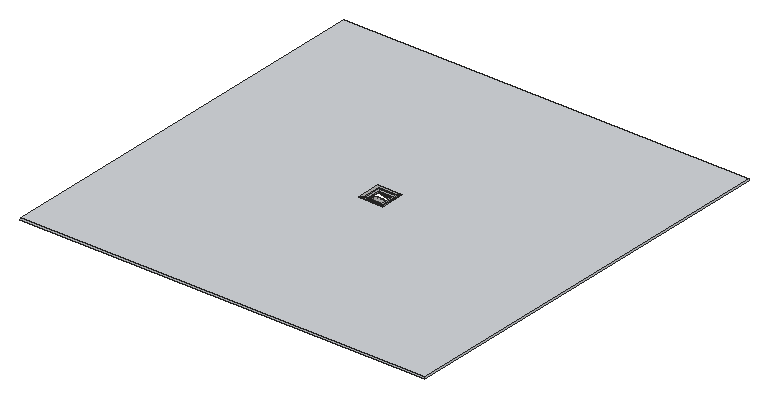
Revit family "LTR-4SQA", category Lighting Fixtures, host Face, Revit 2021
Family settings
  Host = Face
  Round Connector Dimension = Use Diameter
  Part Type = Normal
  OmniClass Number = 23.80.70.11.14.11
  OmniClass Title = Downlights
  Cut with Voids When Loaded = No
  Light Source = Yes
  Shared = Yes
  Room Calculation Point = No
Parameters (values of type "LTR-4SQD-H")
  Wattage Comments = "8-52"  # constant formula
  Wattage = 22.2 W
  Warranty = "5Years limited warranty"
  built-in parameter 1150110 = 1 (stored number, unit not read)
  Voltage = 120 V
  URL = "https://www.currentlighting.com/prescolite"
  built-in parameter 1114217 = 1 (stored number, unit not read)
  Tilt Angle = -90.00°
  built-in parameter 1150109 = 1 (stored number, unit not read)
  built-in parameter 1150134 = 12
  built-in parameter 1150113 = 1 (stored number, unit not read)
  Product Page URL = ""
  Product Documentation Link = ""
  Power Factor = 1
  Photometric Web File = "generic.ies"
  Photometric Notes = "More IES files download on Photometric Web Link"  # constant formula
  Model = "LTR-4SQD-H"  # constant formula
  Manufacturer = "Prescolite"  # constant formula
  built-in parameter 1150105 = -7295302.7 (stored number, unit not read)
  Lumens = 1799.98 lm
  built-in parameter 1150115 = 1 (stored number, unit not read)
  Load Classification = Lighting
  built-in parameter 1150137 = (empty or 0)
  built-in parameter 1150139 = (empty or 0)
  built-in parameter 1150112 = 1 (stored number, unit not read)
  built-in parameter 1150114 = 1 (stored number, unit not read)
  Lamp = "LED"  # constant formula
  built-in parameter 1150132 = (empty or 0)
  built-in parameter 1150102 = (empty or 0)
  built-in parameter 1150107 = 4000 (stored number, unit not read)
  built-in parameter 1150138 = (empty or 0)
  built-in parameter 1150106 = -72953 (stored number, unit not read)
  Glass = White Glass
  Features = "4inch  architectural LED downlight delivering 600 – 4000 lm\r\n• Four beam distributions from 0.6 to 1.2 Spacing Criteria\r\n• Quiet reflector appearance with superior 50º optical cutoff\r\n• 2700K – 5000K, 80+ and 90+ CRI options\r\n• Available in New Construction (non-IC), IC and Chicago Plenum applications\r\n• Variety of dimming protocol options including 0–10V, DALI,\r\nDMX, Lutron Forward Phase, and EcoSystem\r\n• NX Distributed Intelligence™ wired and wireless controls\r\ncapability available"  # constant formula
  Emit from Rectangle Width = 4.00"  # constant formula
  Emit from Rectangle Length = 4.00"  # constant formula
  Emit Shape Visible in Rendering = no
  built-in parameter 1150104 = 7.5326 (stored number, unit not read)
  Dimming Lamp Color Temperature Shift = <None>
  Description = "4in LED Downlight"  # constant formula
  Default Elevation = 48.00"
  Contact us = ""
  Color Filter = 16777215
  built-in parameter 1114218 = 1 (stored number, unit not read)
  Hardware Finish = Steel
  built-in parameter 1150133 = 10 (stored number, unit not read)
  Assembly Code = "D5020200"
  Apparent Load = 0 VA
Reference planes (in)
  plane 1 "Center (Front/Back)": y = 0.03999
  plane 2: z = 0
  plane 3 "Center (Left/Right)": x = -8.24832
  plane 4: x = -13.24832
  plane 5: x = 1.12668
  plane 6: y = 5.91499
  plane 7: y = -5.83501
  plane 8: z = -0.125
  plane 9: z = -2.865
  plane 10: z = -2.99
  plane 11: z = 0.51
  plane 12: x = -10.07019
  plane 13: x = -6.42646
  plane 14: x = -2.9049
  plane 15: x = -0.9049
  plane 16: y = 2.57276
  plane 17: y = -2.49278
  plane 18: y = 1.91499
  plane 19: y = -1.83501
  plane 20: z = 0.5625
  plane 21: z = -4.8175
  plane 22: through (-10.26822, -180.02233, 6.2765) normal (0.9908, 0, -0.1351)
  plane 23: through (-10.01873, -180.02233, 6.24247) normal (0.9908, 0, -0.1351)
Forms (in)
  Extrusion 1, solid
    sketch origin (-7.24832, 0, -2.58562) x (1, 0, 0) y (0, 1, 0)
      loop
        line (-48, 48) -> (-48, -48) -> (48, -48) -> (48, 48) -> (-48, 48)
    from 2.96062 to 2.58562
  Extrusion 2, void
    sketch origin (0, 0, 0) x (1, 0, 0) y (0, 1, 0)
      loop
        line (-10.23402, 2.03393) -> (-10.23402, -1.96607) -> (-6.23402, -1.96607) -> (-6.23402, 2.03393) -> (-10.23402, 2.03393)
    from 0.4375 to -0.125
  Extrusion 3, solid, material "Steel" <- "Hardware Finish", detail levels medium+fine
    sketch origin (0, 0, 0) x (1, 0, 0) y (0, 1, 0)
      loop
        line (-13.24832, 5.91499) -> (-13.24832, -5.83501) -> (1.12668, -5.83501) -> (1.12668, 5.91499) -> (-13.24832, 5.91499)
    from 0 to -0.125
  Extrusion 4, solid, material "Steel" <- "Hardware Finish", detail levels medium+fine
    sketch origin (0, 0, 0) x (1, 0, 0) y (0, 1, 0)
      loop
        line (-2.9049, 2.57276) -> (-2.9049, -2.49278) -> (-0.9049, -2.49278) -> (-0.9049, 2.57276) -> (-2.9049, 2.57276)
    from -2.99 to 0
  Sweep 5, solid, material "Steel" <- "Hardware Finish"
    path in 3D
      loop
        line (-1.9111, 0.78158, -2.6715) -> (-1.9111, 0.78158, -3.19735)
        arc (-1.9111, 0.78158, -3.19735) -> (-2.13077, 0.78158, -3.72768) -> (-2.6611, 0.78158, -3.94735) r 0.75
        line (-2.6611, 0.78158, -3.94735) -> (-8.41689, 0.78158, -3.94735)
    profile origin (-2.13077, 0.78158, -3.72768) x (0, -1, 0) y (-0.707107, 0, 0.707107)
      loop
        circle (0, 0) r 0.09795
  Sweep 6, solid, material "Steel" <- "Hardware Finish"
    path origin (-16.83938, -180, -2.98) x (-1, 0, 0) y (0, -1, 0)
      loop
        line (-6.58169, -182.07276) -> (-6.58169, -178.07276) -> (-10.58169, -178.07276) -> (-10.58169, -182.07276) -> (-6.58169, -182.07276)
    profile origin (-8.25769, 2.07276, -2.98) x (0, 1, 0) y (0, 0, 1)
      loop
        line (0.84223, 3.5625) -> (0.16383, 3.5625) -> (0.16383, 2.865) -> (0.5, 2.865) -> (0.5, 3.5) -> (0.84223, 3.5) -> (0.84223, 3.5625)
  Extrusion 7, solid, material "Steel" <- "Hardware Finish"
    sketch origin (-17.69503, -180.02154, -0.75089) x (-0.939693, 0, 0.34202) y (0, -1, 0)
      loop
        arc (-8.70908, -181.77339) -> (-8.53597, -181.78005) -> (-8.36304, -181.76953) r 1.74754
        line (-8.36304, -181.76953) -> (-8.36304, -181.67723) -> (-8.49788, -181.67723) -> (-8.49788, -181.55918) -> (-8.59106, -181.55918) -> (-8.59106, -181.67723) -> (-8.70908, -181.67723) -> (-8.70908, -181.77339)
      loop
        arc (-9.17317, -181.68651) -> (-8.99815, -181.73827) -> (-8.81868, -181.77148) r 1.74639
        line (-8.81868, -181.77148) -> (-8.79431, -181.68053) -> (-8.9248, -181.64556) -> (-8.89425, -181.53153) -> (-8.98425, -181.50742) -> (-9.0148, -181.62145) -> (-9.14629, -181.58621) -> (-9.17317, -181.68651)
      loop
        arc (-9.67441, -181.40975) -> (-9.52553, -181.51533) -> (-9.36646, -181.6048) r 1.74639
        line (-9.36646, -181.6048) -> (-9.31398, -181.52662) -> (-9.42615, -181.45133) -> (-9.36036, -181.35331) -> (-9.43772, -181.30138) -> (-9.50351, -181.3994) -> (-9.61654, -181.32353) -> (-9.67441, -181.40975)
      loop
        arc (-9.99201, -181.08268) -> (-9.87554, -181.2232) -> (-9.74504, -181.35079) r 1.74639
        line (-9.74504, -181.35079) -> (-9.67411, -181.28885) -> (-9.76297, -181.1871) -> (-9.67405, -181.10945) -> (-9.73534, -181.03927) -> (-9.82426, -181.11692) -> (-9.9138, -181.01438) -> (-9.99201, -181.08268)
      loop
        arc (-10.24565, -180.59873) -> (-10.1783, -180.76836) -> (-10.09362, -180.93004) r 1.74639
        line (-10.09362, -180.93004) -> (-10.00702, -180.89305) -> (-10.06009, -180.76881) -> (-9.95153, -180.72244) -> (-9.98813, -180.63675) -> (-10.09669, -180.68313) -> (-10.15016, -180.55794) -> (-10.24565, -180.59873)
      loop
        arc (-10.33389, -180.15145) -> (-10.31274, -180.33273) -> (-10.27278, -180.51082) r 1.74639
        line (-10.27278, -180.51082) -> (-10.17956, -180.4975) -> (-10.19867, -180.36376) -> (-10.0818, -180.34707) -> (-10.09498, -180.25483) -> (-10.21184, -180.27153) -> (-10.23109, -180.13677) -> (-10.33389, -180.15145)
      loop
        line (-7.92357, -181.65379) -> (-7.95566, -181.55504) -> (-8.08512, -181.5971) -> (-8.1216, -181.48483) -> (-8.21021, -181.51362) -> (-8.17373, -181.62589) -> (-8.30222, -181.66764) -> (-8.27312, -181.7572)
        arc (-8.27312, -181.7572) -> (-8.09564, -181.71464) -> (-7.92357, -181.65379) r 1.74639
      loop
        line (-7.5077, -181.40975) -> (-7.56557, -181.32353) -> (-7.6786, -181.3994) -> (-7.74439, -181.30138) -> (-7.82176, -181.35331) -> (-7.75596, -181.45133) -> (-7.86813, -181.52662) -> (-7.81565, -181.6048)
        arc (-7.81565, -181.6048) -> (-7.65658, -181.51533) -> (-7.5077, -181.40975) r 1.74639
      loop
        line (-7.1901, -181.08268) -> (-7.26831, -181.01438) -> (-7.35785, -181.11692) -> (-7.44677, -181.03927) -> (-7.50806, -181.10945) -> (-7.41914, -181.1871) -> (-7.508, -181.28885) -> (-7.43707, -181.35079)
        arc (-7.43707, -181.35079) -> (-7.30657, -181.2232) -> (-7.1901, -181.08268) r 1.74639
      loop
        line (-6.93646, -180.59873) -> (-7.03195, -180.55794) -> (-7.08542, -180.68313) -> (-7.19398, -180.63675) -> (-7.23058, -180.72244) -> (-7.12202, -180.76881) -> (-7.17509, -180.89305) -> (-7.08849, -180.93004)
        arc (-7.08849, -180.93004) -> (-7.00381, -180.76836) -> (-6.93646, -180.59873) r 1.74639
      loop
        line (-6.84822, -180.15145) -> (-6.95102, -180.13677) -> (-6.97027, -180.27153) -> (-7.08713, -180.25483) -> (-7.10031, -180.34707) -> (-6.98344, -180.36376) -> (-7.00255, -180.4975) -> (-6.90933, -180.51082)
        arc (-6.90933, -180.51082) -> (-6.86937, -180.33273) -> (-6.84822, -180.15145) r 1.74639
      loop
        line (-8.70908, -178.30659) -> (-8.70908, -178.40275) -> (-8.59106, -178.40275) -> (-8.59106, -178.5208) -> (-8.49788, -178.5208) -> (-8.49788, -178.40275) -> (-8.36304, -178.40275) -> (-8.36304, -178.31045)
        arc (-8.36304, -178.31045) -> (-8.53597, -178.29993) -> (-8.70908, -178.30659) r 1.74754
      loop
        line (-9.17317, -178.39347) -> (-9.14629, -178.49377) -> (-9.0148, -178.45854) -> (-8.98425, -178.57257) -> (-8.89425, -178.54845) -> (-8.9248, -178.43442) -> (-8.79431, -178.39946) -> (-8.81868, -178.3085)
        arc (-8.81868, -178.3085) -> (-8.99815, -178.34171) -> (-9.17317, -178.39347) r 1.74639
      loop
        line (-9.67441, -178.67023) -> (-9.61654, -178.75645) -> (-9.50351, -178.68058) -> (-9.43772, -178.7786) -> (-9.36036, -178.72668) -> (-9.42615, -178.62866) -> (-9.31398, -178.55337) -> (-9.36646, -178.47518)
        arc (-9.36646, -178.47518) -> (-9.52553, -178.56465) -> (-9.67441, -178.67023) r 1.74639
      loop
        line (-9.99201, -178.9973) -> (-9.9138, -179.0656) -> (-9.82426, -178.96307) -> (-9.73534, -179.04072) -> (-9.67405, -178.97054) -> (-9.76297, -178.89288) -> (-9.67411, -178.79113) -> (-9.74504, -178.72919)
        arc (-9.74504, -178.72919) -> (-9.87554, -178.85678) -> (-9.99201, -178.9973) r 1.74639
      loop
        line (-10.24565, -179.48125) -> (-10.15016, -179.52204) -> (-10.09669, -179.39686) -> (-9.98813, -179.44323) -> (-9.95153, -179.35754) -> (-10.06009, -179.31117) -> (-10.00702, -179.18693) -> (-10.09362, -179.14994)
        arc (-10.09362, -179.14994) -> (-10.1783, -179.31162) -> (-10.24565, -179.48125) r 1.74639
      loop
        line (-10.33389, -179.92853) -> (-10.23109, -179.94321) -> (-10.21184, -179.80846) -> (-10.09498, -179.82515) -> (-10.0818, -179.73291) -> (-10.19867, -179.71622) -> (-10.17956, -179.58248) -> (-10.27278, -179.56916)
        arc (-10.27278, -179.56916) -> (-10.31274, -179.74725) -> (-10.33389, -179.92853) r 1.74639
      loop
        arc (-7.92357, -178.42619) -> (-8.09564, -178.36534) -> (-8.27312, -178.32278) r 1.74639
        line (-8.27312, -178.32278) -> (-8.30222, -178.41234) -> (-8.17373, -178.45409) -> (-8.21021, -178.56636) -> (-8.1216, -178.59516) -> (-8.08512, -178.48288) -> (-7.95566, -178.52495) -> (-7.92357, -178.42619)
      loop
        arc (-7.5077, -178.67023) -> (-7.65658, -178.56465) -> (-7.81565, -178.47518) r 1.74639
        line (-7.81565, -178.47518) -> (-7.86813, -178.55337) -> (-7.75596, -178.62866) -> (-7.82176, -178.72668) -> (-7.74439, -178.7786) -> (-7.6786, -178.68058) -> (-7.56557, -178.75645) -> (-7.5077, -178.67023)
      loop
        arc (-7.1901, -178.9973) -> (-7.30657, -178.85678) -> (-7.43707, -178.72919) r 1.74639
        line (-7.43707, -178.72919) -> (-7.508, -178.79113) -> (-7.41914, -178.89288) -> (-7.50806, -178.97054) -> (-7.44677, -179.04072) -> (-7.35785, -178.96307) -> (-7.26831, -179.0656) -> (-7.1901, -178.9973)
      loop
        arc (-6.93646, -179.48125) -> (-7.00381, -179.31162) -> (-7.08849, -179.14994) r 1.74639
        line (-7.08849, -179.14994) -> (-7.17509, -179.18693) -> (-7.12202, -179.31117) -> (-7.23058, -179.35754) -> (-7.19398, -179.44323) -> (-7.08542, -179.39686) -> (-7.03195, -179.52204) -> (-6.93646, -179.48125)
      loop
        arc (-6.84822, -179.92853) -> (-6.86937, -179.74725) -> (-6.90933, -179.56916) r 1.74639
        line (-6.90933, -179.56916) -> (-7.00255, -179.58248) -> (-6.98344, -179.71622) -> (-7.10031, -179.73291) -> (-7.08713, -179.82515) -> (-6.97027, -179.80846) -> (-6.95102, -179.94321) -> (-6.84822, -179.92853)
    from 1.04065 to -1.6925
  Extrusion 8, solid, material "Steel" <- "Hardware Finish"
    sketch origin (-17.69342, -180.02154, -0.75118) x (-0.939693, 0, 0.34202) y (0, -1, 0)
      loop
        circle (-8.59106, -180.03999) r 1.51919
    from 1.03125 to -1.6925
  Revolve 9, solid, material "Steel" <- "Hardware Finish", detail levels medium+fine
    sketch origin (-0.8175, 0.01766, -3.59414) x (0.939693, 0, -0.34202) y (0.34202, 0, 0.939693)
      loop
        line (-9.70018, -0.27521) -> (-9.73594, -0.29586) -> (-9.7115, -0.38109) -> (-9.01666, -2.08095) -> (-8.96573, -2.07197) -> (-9.70018, -0.27521)
      axis (-8.24832, -0.27521) -> (-8.24832, -2.08095)
    angle from 0 to 360
  Extrusion 10, solid, material "Steel" <- "Hardware Finish"
    sketch origin (0.15525, 0.01845, -0.97032) x (0.996195, 0, -0.087156) y (0.087156, 0, 0.996195)
      loop
        line (-10.20021, -0.69311) -> (-10.20021, -0.63601) -> (-10.36038, -0.79618) -> (-10.73884, -2.20862) -> (-10.6938, -2.22069) -> (-10.31534, -0.80824) -> (-10.20021, -0.69311)
      loop
        line (-7.39463, -1.29773) -> (-7.34885, -1.62342) -> (-8.00781, -2.91669) -> (-7.96626, -2.93786) -> (-7.29323, -1.61696) -> (-7.34698, -1.2345) -> (-7.39463, -1.29773)
    from -0.32377 to 0.24006
  Extrusion 11, solid, material "Steel" <- "Hardware Finish"
    sketch origin (0.01477, 0.01845, 0) x (1, 0, 0) y (0, 0, 1)
      loop
        line (-7.64522, -2.56705) -> (-6.34275, -2.56705) -> (-5.5236, -1.99347) -> (-5.5236, -0.125) -> (-5.58341, -0.125) -> (-5.58341, -1.93704) -> (-6.39101, -2.50253) -> (-7.64522, -2.50253) -> (-7.64522, -2.56705)
    from -1.7334 to 1.7305
  Extrusion 12, solid
    sketch origin (0.62624, 0.03661, 0) x (1, 0, 0) y (0, 0, 1)
      loop
        line (-6.40034, -0.125) -> (-6.54592, -0.125) -> (-6.74151, -1.5167) -> (-6.67086, -1.5167) -> (-6.40034, -0.125)
    from -2.41884 to 2.34072
  Extrusion 13, solid
    sketch origin (-16.79229, 0.03661, 0) x (-1, 0, 0) y (0, 0, -1)
      loop
        line (-6.21087, 0.125) -> (-6.28753, 0.51937) -> (-6.38874, 0.51937) -> (-6.33332, 0.125) -> (-6.21087, 0.125)
    from -2.41884 to 2.34072
  Extrusion 14, solid
    sketch origin (0.01686, -0.49464, 0) x (1, 0, 0) y (0, 0, 1)
      loop
        line (-5.79096, -0.125) -> (-10.59828, -0.125) -> (-10.53694, -0.44055) -> (-6.06148, -1.5167) -> (-5.79096, -0.125)
    from 1.59223 to 1.80947
  Extrusion 15, solid
    sketch origin (0.31374, 0.64599, 0) x (1, 0, 0) y (0, 0, -1)
      loop
        line (-6.16703, 0.125) -> (-6.43402, 1.49851) -> (-10.83382, 0.44055) -> (-10.89516, 0.125) -> (-6.16703, 0.125)
    from 1.59223 to 1.80947
  Extrusion 16, void
    sketch origin (-16.83938, -179.92188, -2.99) x (-1, 0, 0) y (0, -1, 0)
      loop
        line (-6.69291, -181.55072) -> (-6.69291, -178.36625) -> (-10.31032, -178.36625) -> (-10.31032, -181.55072) -> (-6.69291, -181.55072)
    from 2.865 to 2.99
  Extrusion 17, solid, material "White Glass" <- "Glass"
    sketch origin (-0.3159, 0, -4.34232) x (0.939693, 0, -0.34202) y (0, 1, 0)
      loop
        circle (-8.99455, 0.00057) r 1.5
    from 0.15142 to 0.29322
  Extrusion 18, solid, material "White Glass" <- "Glass"
    sketch origin (0, 0.03999, 0) x (1, 0, 0) y (0, 0, 1)
      loop
        line (-6.04462, -1.5167) -> (-10.52008, -0.44055) -> (-10.52008, -0.50553) -> (-6.05939, -1.57813) -> (-6.04462, -1.5167)
    from -2.41546 to 2.3441
Cuts and joins
  Extrusion 16 cuts Extrusion 3
  joined: Extrusion 3, Extrusion 4
  Extrusion 16 cuts Revolve 9
  Extrusion 16 cuts Extrusion 12
  Extrusion 16 cuts Extrusion 14
  Extrusion 16 cuts Extrusion 15
Lines and regions (in)
  symbolic lines
    curve 1: line (-13.24832, 5.91499, -2.99) -> (1.12668, 5.91499, -2.99)
    curve 2: line (-13.24832, -5.83501, -2.99) -> (-13.24832, 5.91499, -2.99)
    curve 3: line (1.12668, -5.83501, -2.99) -> (-13.24832, -5.83501, -2.99)
    curve 4: line (1.12668, 5.91499, -2.99) -> (1.12668, -5.83501, -2.99)
    curve 5: circle (-8.24832, 0.03999, -2.99) r 2.625 normal (0, 0, 1)
    curve 6: circle (-8.24832, 0.03999, -2.99) r 2 normal (0, 0, 1)
  sketch lines
    curve 7: arc (-1.9111, 0.78158, -3.19735) -> (-2.13077, 0.78158, -3.72768) -> (-2.6611, 0.78158, -3.94735) r 0.75
    curve 8: line (-1.9111, 0.78158, -3.19735) -> (-1.9111, 0.78158, -2.6715)
    curve 9: line (-8.41689, 0.78158, -3.94735) -> (-2.6611, 0.78158, -3.94735)
Dimensions and locks (in)
  equal spacing: plane 7, plane 1 "Center (Front/Back)", plane 6, locked at 5.875 each
  locked: plane 6 to plane 7 at 11.75
  locked: plane 4 to plane 5 at 14.375
  locked: plane 4 to plane 3 "Center (Left/Right)" at 5
  locked: Extrusion 1 to plane 8 at 0.5
  locked: plane 11 to plane 2 at 0.51
  locked: plane 2 to plane 8 at 0.125
  locked: plane 14 to plane 15 at 2
  equal spacing: plane 16, plane 1 "Center (Front/Back)", plane 17, locked at 2.53277 each
  locked: plane 9 to plane 10 at 0.125
  locked: plane 11 to plane 10 at 3.5
  equal spacing: plane 18, plane 1 "Center (Front/Back)", plane 19, locked at 1.875 each
  imposter light to plane 21 = 5.38"
  plane 12 to plane 13 = 3.64374"
  equal spacing: plane 12, plane 3 "Center (Left/Right)", plane 13
  Revolve 9 sketch curve to Revolve 9 sketch curve = 1.45185"
  aligned and locked: Extrusion 3 sketch curve to plane 6
  aligned and locked: plane 4 to Extrusion 3 sketch curve
  aligned and locked: Extrusion 3 sketch curve to plane 7
  aligned and locked: Extrusion 3 sketch curve to plane 5
  aligned and locked: Extrusion 3 to plane 8
  aligned and locked: level to Extrusion 4
  aligned and locked: Extrusion 4 to plane 10
  aligned and locked: plane 15 to cut or joined group of Extrusion 3, Extrusion 4, Extrusion 16
  aligned and locked: plane 14 to cut or joined group of Extrusion 3, Extrusion 4, Extrusion 16
  aligned and locked: plane 17 to cut or joined group of Extrusion 3, Extrusion 4, Extrusion 16
  aligned and locked: plane 16 to cut or joined group of Extrusion 3, Extrusion 4, Extrusion 16
  aligned and locked: Extrusion 1 to plane 2
  aligned and locked: curve 1 to cut or joined group of Extrusion 3, Extrusion 4, Extrusion 16
  aligned and locked: curve 2 to cut or joined group of Extrusion 3, Extrusion 4, Extrusion 16
  aligned and locked: curve 3 to cut or joined group of Extrusion 3, Extrusion 4, Extrusion 16
  aligned and locked: curve 4 to cut or joined group of Extrusion 3, Extrusion 4, Extrusion 16
  aligned and locked: Extrusion 2 to plane 8
  aligned and locked: imposter light to plane 20
Automatic sketch dimensions
  Extrusion 1 sketch curve to Extrusion 1 sketch curve = 96.00"  (x2)
  Extrusion 2 sketch curve to plane 12 = 0.16383"
  plane 13 to Extrusion 2 sketch curve = 0.19244"
  plane 19 to Extrusion 2 sketch curve = 0.13106"
  plane 18 to Extrusion 2 sketch curve = 0.11894"
  Extrusion 4 sketch curve to plane 14 = 0.00"
  Extrusion 4 sketch curve to plane 15 = 0.00"
  plane 17 to Extrusion 4 sketch curve = 0.00"
  Extrusion 4 sketch curve to plane 16 = 0.00"
  curve 5 to curve 6 = 0.00"  (x2)
  plane 1 "Center (Front/Back)" to curve 6 = 0.00"
  curve 6 to plane 3 "Center (Left/Right)" = 0.00"
  profile plane to Sweep 5 sketch curve = 0.00"
  Sweep 5 sketch curve to profile plane = 0.00"
  plane 13 to Sweep 6 sketch curve = 0.16876"
  plane 19 to Sweep 6 sketch curve = 0.09223"
  Sweep 6 sketch curve to plane 12 = 0.1875"
  plane 18 to Sweep 6 sketch curve = 0.15777"
  Sweep 6 sketch curve to profile plane = 0.16383"
  Sweep 6 sketch curve to Sweep 6 sketch curve = 0.33617"
  Sweep 6 sketch curve to Sweep 6 sketch curve = 0.34223"
  profile plane to Sweep 6 sketch curve = 2.865"
  Sweep 6 sketch curve to Sweep 6 sketch curve = 0.635"
  Sweep 6 sketch curve to Sweep 6 sketch curve = 0.0625"
  Extrusion 7 sketch curve to Extrusion 7 sketch curve = 0.00"  (x384)
  Extrusion 7 sketch curve to plane 1 "Center (Front/Back)" = 0.08992"
  plane 1 "Center (Front/Back)" to Extrusion 7 sketch curve = 0.133"
  Extrusion 7 sketch curve to plane 1 "Center (Front/Back)" = 0.44928"  (x2)
  Extrusion 7 sketch curve to Extrusion 7 sketch curve = 0.0611"  (x2)
  plane 1 "Center (Front/Back)" to Extrusion 7 sketch curve = 0.49237"  (x2)
  Extrusion 7 sketch curve to plane 1 "Center (Front/Back)" = 0.5372"
  Extrusion 7 sketch curve to Extrusion 7 sketch curve = 0.02713"  (x2)
  plane 1 "Center (Front/Back)" to Extrusion 7 sketch curve = 0.58028"
  Extrusion 7 sketch curve to plane 1 "Center (Front/Back)" = 0.07523"  (x2)
  Extrusion 7 sketch curve to Extrusion 7 sketch curve = 0.10279"  (x2)
  plane 1 "Center (Front/Back)" to Extrusion 7 sketch curve = 0.11832"  (x2)
  Extrusion 7 sketch curve to plane 1 "Center (Front/Back)" = 0.20999"  (x2)
  plane 1 "Center (Front/Back)" to Extrusion 7 sketch curve = 0.25308"  (x2)
  Extrusion 7 sketch curve to plane 1 "Center (Front/Back)" = 0.30223"
  Extrusion 7 sketch curve to Extrusion 7 sketch curve = 0.01318"  (x4)
  plane 1 "Center (Front/Back)" to Extrusion 7 sketch curve = 0.34532"
  Extrusion 7 sketch curve to plane 1 "Center (Front/Back)" = 0.49641"  (x2)
  Extrusion 7 sketch curve to Extrusion 7 sketch curve = 0.0294"  (x4)
  plane 1 "Center (Front/Back)" to Extrusion 7 sketch curve = 0.53949"  (x2)
  plane 1 "Center (Front/Back)" to Extrusion 7 sketch curve = 0.66468"  (x2)
  Extrusion 7 sketch curve to plane 1 "Center (Front/Back)" = 0.62159"  (x2)
  Extrusion 7 sketch curve to plane 1 "Center (Front/Back)" = 0.1933"  (x2)
  plane 1 "Center (Front/Back)" to Extrusion 7 sketch curve = 0.23638"  (x2)
  plane 1 "Center (Front/Back)" to Extrusion 7 sketch curve = 0.91159"  (x2)
  Extrusion 7 sketch curve to plane 1 "Center (Front/Back)" = 0.8685"  (x2)
  plane 1 "Center (Front/Back)" to Extrusion 7 sketch curve = 0.75036"
  Extrusion 7 sketch curve to Extrusion 7 sketch curve = 0.0366"  (x4)
  Extrusion 7 sketch curve to plane 1 "Center (Front/Back)" = 0.70728"
  Extrusion 7 sketch curve to plane 18 = 0.85385"
  Extrusion 7 sketch curve to Extrusion 7 sketch curve = 0.10161"  (x2)
  Extrusion 7 sketch curve to plane 19 = 0.81077"
  Extrusion 7 sketch curve to plane 1 "Center (Front/Back)" = 0.57522"  (x2)
  plane 1 "Center (Front/Back)" to Extrusion 7 sketch curve = 0.61831"  (x2)
  Extrusion 7 sketch curve to plane 18 = 0.92215"  (x2)
  Extrusion 7 sketch curve to Extrusion 7 sketch curve = 0.07821"  (x2)
  Extrusion 7 sketch curve to plane 19 = 0.87907"  (x2)
  Extrusion 7 sketch curve to plane 18 = 0.81962"  (x2)
  Extrusion 7 sketch curve to plane 19 = 0.77653"  (x2)
  Extrusion 7 sketch curve to plane 19 = 0.70635"
  Extrusion 7 sketch curve to Extrusion 7 sketch curve = 0.06129"  (x4)
  Extrusion 7 sketch curve to plane 18 = 0.74944"
  Extrusion 7 sketch curve to plane 18 = 0.58574"  (x2)
  Extrusion 7 sketch curve to plane 19 = 0.54265"  (x2)
  Extrusion 7 sketch curve to plane 18 = 0.89727"  (x2)
  Extrusion 7 sketch curve to plane 19 = 0.85418"  (x2)
  Extrusion 7 sketch curve to plane 19 = 0.4837"
  Extrusion 7 sketch curve to Extrusion 7 sketch curve = 0.07063"  (x2)
  Extrusion 7 sketch curve to plane 18 = 0.52678"
  Extrusion 7 sketch curve to plane 19 = 0.56992"  (x2)
  Extrusion 7 sketch curve to Extrusion 7 sketch curve = 0.05757"  (x4)
  Extrusion 7 sketch curve to plane 18 = 0.613"  (x2)
  Extrusion 7 sketch curve to plane 19 = 0.49405"  (x2)
  Extrusion 7 sketch curve to plane 18 = 0.53714"  (x2)
  Extrusion 7 sketch curve to plane 19 = 0.59207"  (x2)
  Extrusion 7 sketch curve to plane 18 = 0.63515"  (x2)
  Extrusion 7 sketch curve to plane 19 = 0.44212"
  Extrusion 7 sketch curve to Extrusion 7 sketch curve = 0.07736"  (x2)
  Extrusion 7 sketch curve to plane 18 = 0.48521"
  Extrusion 7 sketch curve to plane 18 = 0.33173"  (x2)
  Extrusion 7 sketch curve to plane 19 = 0.28865"  (x2)
  Extrusion 7 sketch curve to plane 19 = 0.20694"
  Extrusion 7 sketch curve to Extrusion 7 sketch curve = 0.19329"  (x2)
  Extrusion 7 sketch curve to plane 18 = 0.25002"
  Extrusion 7 sketch curve to plane 19 = 0.30724"
  Extrusion 7 sketch curve to Extrusion 7 sketch curve = 0.02687"  (x2)
  Extrusion 7 sketch curve to plane 18 = 0.35032"
  Extrusion 7 sketch curve to plane 18 = 0.31509"
  Extrusion 7 sketch curve to plane 19 = 0.272"
  Extrusion 7 sketch curve to plane 18 = 0.42912"
  Extrusion 7 sketch curve to plane 19 = 0.38603"
  Extrusion 7 sketch curve to plane 18 = 0.29097"
  Extrusion 7 sketch curve to Extrusion 7 sketch curve = 0.09"  (x2)
  Extrusion 7 sketch curve to plane 19 = 0.24789"
  Extrusion 7 sketch curve to plane 18 = 0.16505"
  Extrusion 7 sketch curve to plane 19 = 0.12196"
  Extrusion 7 sketch curve to Extrusion 7 sketch curve = 0.08523"  (x2)
  Extrusion 7 sketch curve to Extrusion 7 sketch curve = 0.11803"  (x2)
  Extrusion 7 sketch curve to Extrusion 7 sketch curve = 0.03559"
  Extrusion 7 sketch curve to Extrusion 7 sketch curve = 0.09318"  (x2)
  Extrusion 7 sketch curve to Extrusion 7 sketch curve = 0.13484"  (x2)
  Extrusion 7 sketch curve to plane 19 = 0.22581"
  Extrusion 7 sketch curve to Extrusion 7 sketch curve = 0.06082"  (x2)
  Extrusion 7 sketch curve to plane 18 = 0.26889"
  Extrusion 7 sketch curve to plane 19 = 0.13625"
  Extrusion 7 sketch curve to Extrusion 7 sketch curve = 0.08992"  (x2)
  Extrusion 7 sketch curve to plane 18 = 0.17934"
  Extrusion 7 sketch curve to plane 18 = 0.42291"
  Extrusion 7 sketch curve to Extrusion 7 sketch curve = 0.092"  (x2)
  Extrusion 7 sketch curve to plane 19 = 0.37983"
  Extrusion 7 sketch curve to plane 18 = 0.45171"
  Extrusion 7 sketch curve to plane 19 = 0.40862"
  Extrusion 7 sketch curve to plane 19 = 0.29635"
  Extrusion 7 sketch curve to plane 18 = 0.33943"
  Extrusion 7 sketch curve to plane 18 = 0.3815"
  Extrusion 7 sketch curve to plane 19 = 0.33841"
  Extrusion 7 sketch curve to plane 18 = 0.40992"
  Extrusion 7 sketch curve to Extrusion 7 sketch curve = 0.08752"  (x2)
  Extrusion 7 sketch curve to plane 19 = 0.36683"
  Extrusion 7 sketch curve to plane 19 = 0.54014"
  Extrusion 7 sketch curve to Extrusion 7 sketch curve = 0.04638"  (x2)
  Extrusion 7 sketch curve to plane 18 = 0.58323"
  Extrusion 7 sketch curve to Extrusion 7 sketch curve = 0.05248"  (x2)
  Extrusion 7 sketch curve to plane 19 = 0.784"
  Extrusion 7 sketch curve to Extrusion 7 sketch curve = 0.05752"  (x2)
  Extrusion 7 sketch curve to plane 18 = 0.82709"
  Extrusion 7 sketch curve to plane 19 = 0.60459"
  Extrusion 7 sketch curve to plane 18 = 0.64768"
  Extrusion 7 sketch curve to plane 1 "Center (Front/Back)" = 0.66091"
  Extrusion 7 sketch curve to Extrusion 7 sketch curve = 0.03773"  (x2)
  plane 1 "Center (Front/Back)" to Extrusion 7 sketch curve = 0.70399"
  Extrusion 7 sketch curve to plane 1 "Center (Front/Back)" = 0.83151"
  Extrusion 7 sketch curve to Extrusion 7 sketch curve = 0.09322"  (x2)
  plane 1 "Center (Front/Back)" to Extrusion 7 sketch curve = 0.8746"
  Extrusion 7 sketch curve to plane 1 "Center (Front/Back)" = 0.28554"
  Extrusion 7 sketch curve to Extrusion 7 sketch curve = 0.09367"  (x2)
  plane 1 "Center (Front/Back)" to Extrusion 7 sketch curve = 0.32862"
  Extrusion 7 sketch curve to plane 1 "Center (Front/Back)" = 0.43597"
  plane 1 "Center (Front/Back)" to Extrusion 7 sketch curve = 0.47905"
  Extrusion 7 sketch curve to Extrusion 7 sketch curve = 0.00191"
  Extrusion 7 sketch curve to Extrusion 7 sketch curve = 0.01233"  (x2)
  Extrusion 7 sketch curve to Extrusion 7 sketch curve = 0.09616"
  Extrusion 7 sketch curve to Extrusion 7 sketch curve = 0.11805"  (x2)
  plane 1 "Center (Front/Back)" to Extrusion 7 sketch curve = 0.01417"
  Extrusion 7 sketch curve to Extrusion 7 sketch curve = 0.12134"
  plane 1 "Center (Front/Back)" to Extrusion 8 sketch curve = 0.02154"
  plane 12 to Revolve 9 sketch curve = 0.00271"
  Revolve 9 sketch curve to plane 8 = 0.41727"
  Revolve 9 sketch curve to Revolve 9 sketch curve = 0.02444"
  Revolve 9 sketch curve to Revolve 9 sketch curve = 0.03576"
  Revolve 9 sketch curve to Revolve 9 sketch curve = 0.69483"
  Revolve 9 sketch curve to Revolve 9 sketch curve = 0.05093"
  Revolve 9 sketch curve to Revolve 9 sketch curve = 0.08523"
  Revolve 9 sketch curve to Revolve 9 sketch curve = 1.69087"
  Revolve 9 sketch curve to Revolve 9 sketch curve = 0.00898"
  Revolve 9 sketch curve to Revolve 9 sketch curve = 0.02065"
  Revolve 9 sketch curve to Revolve 9 sketch curve = 2.42808"
  Revolve 9 sketch curve to Revolve 9 sketch curve = 2.65017"
  Extrusion 10 sketch curve to plane 12 = 0.66502"
  plane 9 to Extrusion 10 sketch curve = 0.63041"
  Extrusion 10 sketch curve to Extrusion 10 sketch curve = 0.04504"  (x2)
  Extrusion 10 sketch curve to Extrusion 10 sketch curve = 0.37846"
  Extrusion 10 sketch curve to Extrusion 10 sketch curve = 0.11513"  (x2)
  Extrusion 10 sketch curve to Extrusion 10 sketch curve = 2.68599"
  Extrusion 10 sketch curve to Extrusion 10 sketch curve = 0.04154"
  Extrusion 10 sketch curve to Extrusion 10 sketch curve = 0.61318"
  Extrusion 10 sketch curve to Extrusion 10 sketch curve = 0.04577"
  Extrusion 10 sketch curve to Extrusion 10 sketch curve = 0.04765"
  Extrusion 10 sketch curve to Extrusion 10 sketch curve = 0.05562"
  Extrusion 10 sketch curve to Extrusion 10 sketch curve = 0.01207"
  Extrusion 10 sketch curve to Extrusion 10 sketch curve = 0.69601"
  Extrusion 10 sketch curve to Extrusion 10 sketch curve = 0.02117"
  Extrusion 10 sketch curve to Extrusion 10 sketch curve = 0.32569"
  Extrusion 10 sketch curve to Extrusion 10 sketch curve = 0.06323"
  Extrusion 10 sketch curve to Extrusion 10 sketch curve = 0.05711"
  Extrusion 11 sketch curve to plane 8 = 0.00"
  plane 9 to Extrusion 11 sketch curve = 0.29795"
  plane 3 "Center (Left/Right)" to Extrusion 11 sketch curve = 0.61787"
  plane 13 to Extrusion 11 sketch curve = 0.05022"
  Extrusion 11 sketch curve to Extrusion 11 sketch curve = 0.04826"
  plane 13 to Extrusion 11 sketch curve = 0.85782"
  Extrusion 11 sketch curve to Extrusion 11 sketch curve = 0.05981"
  Extrusion 11 sketch curve to Extrusion 11 sketch curve = 0.06452"
  plane 9 to Extrusion 11 sketch curve = 0.87153"
  Extrusion 11 sketch curve to Extrusion 11 sketch curve = 0.05643"
  Extrusion 12 sketch curve to plane 8 = 0.00"
  plane 13 to Extrusion 12 sketch curve = 0.31118"
  Extrusion 12 sketch curve to Extrusion 12 sketch curve = 0.07065"
  plane 13 to Extrusion 12 sketch curve = 0.50677"
  plane 13 to Extrusion 12 sketch curve = 0.65236"
  Extrusion 12 sketch curve to plane 8 = 1.3917"
  Extrusion 13 sketch curve to plane 8 = 0.00"
  plane 12 to Extrusion 13 sketch curve = 0.33335"
  plane 12 to Extrusion 13 sketch curve = 0.38878"
  Extrusion 13 sketch curve to Extrusion 13 sketch curve = 0.10122"
  Extrusion 13 sketch curve to Extrusion 13 sketch curve = 0.12245"
  plane 8 to Extrusion 13 sketch curve = 0.39437"
  Extrusion 14 sketch curve to plane 8 = 0.00"
  Extrusion 14 sketch curve to plane 12 = 0.51123"
  Extrusion 14 sketch curve to plane 12 = 0.44989"
  plane 13 to Extrusion 14 sketch curve = 0.38184"
  plane 13 to Extrusion 14 sketch curve = 0.65236"
  Extrusion 14 sketch curve to plane 8 = 0.31555"
  Extrusion 14 sketch curve to plane 8 = 1.3917"
  Extrusion 15 sketch curve to plane 8 = 0.00"
  Extrusion 15 sketch curve to plane 12 = 0.51123"
  Extrusion 15 sketch curve to plane 12 = 0.44989"
  plane 13 to Extrusion 15 sketch curve = 0.30618"
  plane 13 to Extrusion 15 sketch curve = 0.57316"
  Extrusion 15 sketch curve to plane 8 = 0.31555"
  Extrusion 15 sketch curve to plane 8 = 1.37351"
  Extrusion 16 sketch curve to plane 12 = 0.07628"
  Extrusion 16 sketch curve to plane 19 = 0.27939"
  Extrusion 16 sketch curve to plane 13 = 0.1026"
  Extrusion 16 sketch curve to plane 18 = 0.28615"
  plane 1 "Center (Front/Back)" to Extrusion 17 sketch curve = 0.03942"
  Extrusion 18 sketch curve to plane 12 = 0.44989"
  Extrusion 18 sketch curve to plane 8 = 0.38053"
  plane 13 to Extrusion 18 sketch curve = 0.36706"
  Extrusion 18 sketch curve to Extrusion 18 sketch curve = 0.01477"
  Extrusion 18 sketch curve to Extrusion 18 sketch curve = 0.06143"
  radius of curve 5 = 2.625"
  radius of curve 6 = 2.00"
  radius of Sweep 5 sketch curve = 0.09795"
  radius of Extrusion 8 sketch curve = 1.51919"
  radius of Extrusion 17 sketch curve = 1.50"
Connectors (in)
  electrical at (-8.3005, 0.03999, -3.125), driven by "Description", driven by "Load Classification", driven by "Voltage", driven by "Apparent Load", driven by "Power Factor"
    settings: on cut or joined group of Extrusion 3, Extrusion 4, Extrusion 16, index 1, voltage 120 V, apparent load 0 VA, apparent load phase1 0 VA, apparent load phase2 0 VA, apparent load phase3 0 VA, power factor 1, load classification "Lighting", number of poles 1, system type 30, power factor state 1, is connector primary yes, connector utility no, sub classification motor no, connector description "4in LED Downlight"
